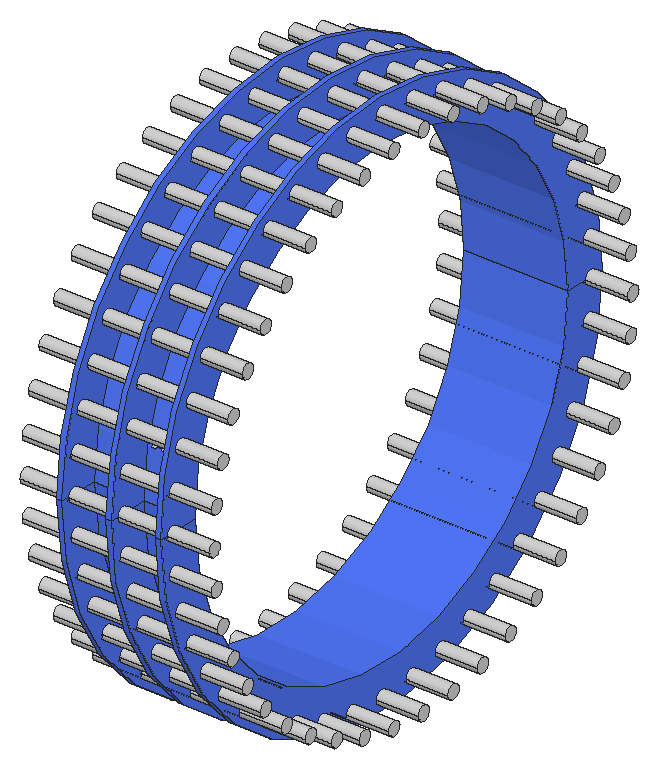
Revit family "873-00-001-DN1800", category Pipe Accessories, Revit 2019
Family settings
  Round Connector Dimension = Use Diameter
  Part Type = Valve - Breaks Into
  Work Plane-Based = No
  Always vertical = Yes
  Cut with Voids When Loaded = No
  Shared = No
Parameters (values of type "DN1800_PN16")
  d2 = size_lookup(Search_table, "d2", 0 mm, DN) / 2  # 1065 mm
  d1 = size_lookup(Search_table, "d1", 0 mm, DN)  # 2020 mm
  URL product pages = "https://www.avkvalves.com/P.aspx?no=873004000141000"
  T = size_lookup(Search_table, "T", 0 mm, DN)  # 52 mm
  L = size_lookup(Search_table, "L", 0 mm, DN)  # 730 mm
  Id(Radius) = DN / 2  # 900.05 mm
  Flange_thickness = 20 mm  # constant formula
  Description_ = "AVK DISMANTLING JOINT"
  DN = 1800.1 mm
  Search_table = "873-00-001-DN1800"
  Body_Wallthicknss = 10 mm  # constant formula
  Angle = 22.50°  # constant formula
  A = size_lookup(Search_table, "A", 0 mm, DN)  # 400 mm
  873-1800-00-141000 = "DN1800_PN16"
  873-1800-00-041000 = "DN1800_PN10"
Types (3, lengths in mm): name | d2 | T | L | Id(Radius) | DN
  (no name) | 1065 | 52 | 730 | 900.05 | 1800.1
  DN1800_PN10 | 1057.5 | 45 | 640 | 900 | 1800
  DN1800_PN16 | 1065 | 52 | 730 | 900.05 | 1800.1
Reference planes
  plane 1 "Center (Front/Back)": y = 0
  plane 2: z = 0
  plane 3 "Center (Left/Right)": x = 0
  plane 4: y = 32.5
  plane 5: y = -30
  plane 6: z = 1010
  plane 7: z = -1010
  plane 8: y = 1010
  plane 9: y = -1010
  plane 10: x = -365
  plane 11: x = 365
  plane 12: through (0, 0, 0) normal (0, 0.9898, 0.1423)
  plane 13: through (0, 0, 0) normal (0, 0.9595, 0.2817)
  plane 14: through (0, 0, 0) normal (0, 0.9096, 0.4154)
  plane 15: through (0, 0, 0) normal (0, 0.8413, 0.5406)
  plane 16: through (0, 0, 0) normal (0, 0.6549, 0.7557)
  plane 17: through (0, 0, 0) normal (0, 0.9898, -0.1423)
  plane 18: through (0, 0, 0) normal (0, 0.9595, -0.2817)
  plane 19: through (0, 0, 0) normal (0, 0.9096, -0.4154)
  plane 20: through (0, 0, 0) normal (0, 0.7557, -0.6549)
  plane 21: through (0, 0, 0) normal (0, 0.6549, -0.7557)
  plane 22: through (0, 0, 0) normal (0, 0.7557, 0.6549)
  plane 23: through (0, 0, 0) normal (0, 0.8413, -0.5406)
  plane 24: through (0, 0, 0) normal (0, 0.5406, -0.8413)
  plane 25: through (0, -755.275, 485.386) normal (0, -0.5406, -0.8413)
  plane 26: through (0, 0, 0) normal (0, 0.4154, -0.9096)
  plane 27: through (0, 0, 0) normal (0, 0.4154, 0.9096)
  plane 28: through (0, 0, 0) normal (0, 0.2817, -0.9595)
  plane 29: through (0, 0, 0) normal (0, 0.2817, 0.9595)
  plane 30: through (0, 0, 0) normal (0, 0.1423, -0.9898)
  plane 31: through (0, 0, 0) normal (0, 0.1423, 0.9898)
  plane 32: x = -200
  plane 33: x = 200
  plane 34: z = -1065
  plane 35: z = 1065
Forms (mm)
  Revolve 1, solid, material "Plastic"
    sketch origin (0, 0, 0) x (1, 0, 0) y (0, 1, 0)
      loop
        line (-180, 1065) -> (-200, 1065) -> (-200, 900.05) -> (200, 900.05) -> (200, 1065) -> (180, 1065) -> (180, 910.05) -> (10, 910.05) -> (10, 1065) -> (-10, 1065) -> (-10, 910.05) -> (-180, 910.05) -> (-180, 1065)
      axis (-200, 0) -> (200, 0)
    angle from 0 to 360
  Extrusion 2, solid, material "Stainless Steel AISI 304"
    sketch origin (0, 0, 0) x (0, 1, 0) y (0, 0, 1)
      loop
        circle (0, 1010) r 26
      loop
        circle (-1010, 0) r 26
      loop
        circle (0, -1010) r 26
      loop
        circle (1010, 0) r 26
      loop
        circle (284.55, 969.088) r 26
      loop
        circle (419.569, 918.728) r 26
      loop
        circle (546.047, 849.666) r 26
      loop
        circle (661.409, 763.307) r 26
      loop
        circle (763.307, 661.409) r 26
      loop
        circle (849.666, 546.047) r 26
      loop
        circle (918.728, 419.569) r 26
      loop
        circle (969.088, 284.55) r 26
      loop
        circle (999.72, 143.738) r 26
      loop
        circle (999.72, -143.738) r 26
      loop
        circle (969.088, -284.55) r 26
      loop
        circle (918.728, -419.569) r 26
      loop
        circle (849.666, -546.047) r 26
      loop
        circle (763.307, -661.409) r 26
      loop
        circle (661.409, -763.307) r 26
      loop
        circle (546.047, -849.666) r 26
      loop
        circle (419.569, -918.728) r 26
      loop
        circle (284.55, -969.088) r 26
      loop
        circle (143.738, -999.72) r 26
      loop
        circle (-143.738, -999.72) r 26
      loop
        circle (-284.55, -969.088) r 26
      loop
        circle (-419.569, -918.728) r 26
      loop
        circle (-546.047, -849.666) r 26
      loop
        circle (-661.409, -763.307) r 26
      loop
        circle (-763.307, -661.409) r 26
      loop
        circle (-849.666, -546.047) r 26
      loop
        circle (-918.728, -419.569) r 26
      loop
        circle (-969.088, -284.55) r 26
      loop
        circle (-999.72, -143.738) r 26
      loop
        circle (-999.72, 143.738) r 26
      loop
        circle (-969.088, 284.55) r 26
      loop
        circle (-918.728, 419.569) r 26
      loop
        circle (-849.666, 546.047) r 26
      loop
        circle (-763.307, 661.409) r 26
      loop
        circle (-661.409, 763.307) r 26
      loop
        circle (-546.047, 849.666) r 26
      loop
        circle (-419.569, 918.728) r 26
      loop
        circle (-284.55, 969.088) r 26
      loop
        circle (-143.738, 999.72) r 26
      loop
        circle (143.738, 999.72) r 26
    from -365 to 365
Dimensions and locks
  "Flange_thickness": Revolve 1 sketch curve to Revolve 1 sketch curve  (x3)
  equal spacing: Revolve 1 sketch curve, plane 3 "Center (Left/Right)", Revolve 1 sketch curve  (x2)
  "A": Revolve 1 sketch curve to Revolve 1 sketch curve
  "Id(Radius)": plane 1 "Center (Front/Back)" to Revolve 1 sketch curve
  "Body_Wallthicknss": Revolve 1 sketch curve to Revolve 1 sketch curve
  "d2": plane 1 "Center (Front/Back)" to Revolve 1 sketch curve
  equal spacing: plane 6, level, plane 7
  equal spacing: plane 8, plane 1 "Center (Front/Back)", plane 9
  "d1": plane 8 to plane 9
  "d1": plane 6 to plane 7
  equal spacing: plane 11, plane 3 "Center (Left/Right)", plane 10
  "L": plane 11 to plane 10
  equal spacing: Extrusion 2 sketch curve, level, Extrusion 2 sketch curve
  "d1": Extrusion 2 sketch curve to Extrusion 2 sketch curve  (x22)
  equal spacing: Extrusion 2 sketch curve, plane 1 "Center (Front/Back)", Extrusion 2 sketch curve
  equal spacing: Extrusion 2 sketch curve, plane 31, Extrusion 2 sketch curve
  equal spacing: Extrusion 2 sketch curve, plane 29, Extrusion 2 sketch curve
  equal spacing: Extrusion 2 sketch curve, plane 27, Extrusion 2 sketch curve
  equal spacing: Extrusion 2 sketch curve, plane 25, Extrusion 2 sketch curve
  equal spacing: Extrusion 2 sketch curve, plane 16, Extrusion 2 sketch curve
  equal spacing: Extrusion 2 sketch curve, plane 22, Extrusion 2 sketch curve
  equal spacing: Extrusion 2 sketch curve, plane 15, Extrusion 2 sketch curve
  equal spacing: Extrusion 2 sketch curve, plane 14, Extrusion 2 sketch curve
  equal spacing: Extrusion 2 sketch curve, plane 13, Extrusion 2 sketch curve
  equal spacing: Extrusion 2 sketch curve, plane 12, Extrusion 2 sketch curve
  equal spacing: Extrusion 2 sketch curve, plane 17, Extrusion 2 sketch curve
  equal spacing: Extrusion 2 sketch curve, plane 18, Extrusion 2 sketch curve
  equal spacing: Extrusion 2 sketch curve, plane 19, Extrusion 2 sketch curve
  equal spacing: Extrusion 2 sketch curve, plane 23, Extrusion 2 sketch curve
  equal spacing: Extrusion 2 sketch curve, plane 20, Extrusion 2 sketch curve
  equal spacing: Extrusion 2 sketch curve, plane 21, Extrusion 2 sketch curve
  equal spacing: Extrusion 2 sketch curve, plane 24, Extrusion 2 sketch curve
  equal spacing: Extrusion 2 sketch curve, plane 26, Extrusion 2 sketch curve
  equal spacing: Extrusion 2 sketch curve, plane 28, Extrusion 2 sketch curve
  equal spacing: Extrusion 2 sketch curve, plane 30, Extrusion 2 sketch curve
  plane 6 to plane 7 = 2020 mm
  equal spacing: plane 33, plane 3 "Center (Left/Right)", plane 32
  "A": plane 33 to plane 32
  equal spacing: plane 35, level, plane 34
  "d2": level to plane 34
  plane 35 to plane 34 = 2130 mm
  "T": diameter of Extrusion 2 sketch curve  (x44)
  equal spacing: plane 1 "Center (Front/Back)", plane 17, plane 18, plane 19, plane 23, plane 20, plane 21, plane 24, plane 26, plane 28, plane 30, level
  equal spacing: level, plane 31, plane 29, plane 27, plane 25, plane 16, plane 22, plane 15, plane 14, plane 13, plane 12, plane 1 "Center (Front/Back)"
  aligned and locked: level to plane 2
  aligned and locked: Revolve 1 sketch curve to Revolve 1 sketch curve  (x3)
  aligned and locked: plane 1 "Center (Front/Back)" to Revolve 1 sketch curve
  aligned and locked: Extrusion 2 to plane 10
  aligned and locked: Extrusion 2 to plane 11
Automatic sketch dimensions
  Revolve 1 sketch curve to plane 3 "Center (Left/Right)" = 37.5 mm
  plane 3 "Center (Left/Right)" to Revolve 1 sketch curve = 37.5 mm
  plane 30 to Extrusion 2 sketch curve = 0 mm  (x2)
  Extrusion 2 sketch curve to plane 31 = 0 mm  (x2)
  plane 28 to Extrusion 2 sketch curve = 0 mm  (x2)
  Extrusion 2 sketch curve to plane 29 = 0 mm  (x2)
  plane 26 to Extrusion 2 sketch curve = 0 mm  (x2)
  Extrusion 2 sketch curve to plane 27 = 0 mm  (x2)
  plane 25 to Extrusion 2 sketch curve = 0 mm  (x2)
  plane 24 to Extrusion 2 sketch curve = 0 mm  (x2)
  plane 21 to Extrusion 2 sketch curve = 0 mm  (x2)
  Extrusion 2 sketch curve to plane 16 = 0 mm  (x2)
  plane 20 to Extrusion 2 sketch curve = 0 mm  (x2)
  Extrusion 2 sketch curve to plane 22 = 0 mm  (x2)
  Extrusion 2 sketch curve to plane 15 = 0 mm  (x2)
  plane 23 to Extrusion 2 sketch curve = 0 mm  (x2)
  plane 19 to Extrusion 2 sketch curve = 0 mm  (x2)
  Extrusion 2 sketch curve to plane 14 = 0 mm  (x2)
  Extrusion 2 sketch curve to plane 13 = 0 mm  (x2)
  plane 18 to Extrusion 2 sketch curve = 0 mm  (x2)
  Extrusion 2 sketch curve to plane 12 = 0 mm  (x2)
  plane 17 to Extrusion 2 sketch curve = 0 mm  (x2)
  Extrusion 2 sketch curve to plane 1 "Center (Front/Back)" = 0 mm  (x2)
  Extrusion 2 sketch curve to level = 0 mm  (x2)
Nested families
  nested 1: "LOGO 3" at (91.887, -891.226, 184.141) x (1, 0, 0) z (0, -0.9793, 0.2023), type "LOGO 3"
Connectors
  piping at (200, 0, 0), diameter 1800.1, driven by "DN"
    settings: on Revolve 1, index 1, connector inside diameter 609.6 mm, connector length 0 mm, flow factor 0, pipe flow 0.0 L/s, pressure drop 0.0 Pa, fitting loss kfactor 0, connector angle 0.00°, fixture units 0, engagement length 0 mm, angle of deflection 0.00°, flow configuration 0, flow direction 0, fitting loss method 0, system type 7, joint type 0, gender type 0, connector reference index -1, connector utility 0, adjustable connector no, is connector primary yes, connector description ""
  piping at (-200, 0, 0), diameter 1800.1, driven by "DN"
    settings: on Revolve 1, index 2, connector inside diameter 609.6 mm, connector length 0 mm, flow factor 0, pipe flow 0.0 L/s, pressure drop 0.0 Pa, fitting loss kfactor 0, connector angle 0.00°, fixture units 0, engagement length 0 mm, angle of deflection 0.00°, flow configuration 0, flow direction 0, fitting loss method 0, system type 7, joint type 0, gender type 0, connector reference index -1, connector utility 0, adjustable connector no, is connector primary no, connector description ""
Definition of nested family "LOGO 3"
  Parameters
    Default Elevation = 1219.2 mm
  Reference planes
    plane 1 "Center (Front/Back)": y = 0
    plane 2: z = 0
    plane 3 "Center (Left/Right)": x = 0
  Forms (mm)
    Extrusion 1, solid
      sketch origin (0, 0, 0) x (1, 0, 0) y (0, 1, 0)
        loop
          line (-1219.2, 1219.2) -> (-1219.2, -1219.2) -> (1219.2, -1219.2) -> (1219.2, 1219.2) -> (-1219.2, 1219.2)
      from 0 to -304.8
    Extrusion 2, solid
      sketch origin (0, 0, 0) x (1, 0, 0) y (0, 1, 0)
        loop
          line (-17.198, 60.343) -> (-63.36, 60.343) -> (-63.36, 47.822) -> (-25.782, 47.822) -> (-6.312, 0) -> (6.312, 0) -> (25.782, 47.822) -> (63.36, 47.822) -> (63.36, 60.343) -> (17.198, 60.343) -> (0, 18.103) -> (-17.198, 60.343)
        loop
          line (-63.36, 42.994) -> (-63.36, 30.926) -> (-51.489, 30.926) -> (-63.36, 0) -> (-49.948, 0) -> (-47.4, 6.638) -> (-27.745, 6.638) -> (-25.043, 0) -> (-11.524, 0) -> (-29.029, 42.994) -> (-63.36, 42.994)
        loop
          line (-44.292, 18.103) -> (-32.413, 18.103) -> (-38.527, 33.12) -> (-44.292, 18.103)
        loop
          line (29.029, 42.994) -> (11.524, 0) -> (25.043, 0) -> (31.926, 16.905) -> (44.665, 0) -> (60.343, 0) -> (45.934, 19.121)
          arc (45.934, 19.121) -> (54.338, 23.268) -> (59.739, 30.926) r 19.008
          line (59.739, 30.926) -> (63.36, 30.926) -> (63.36, 42.994) -> (51.291, 42.994)
          arc (51.291, 42.994) -> (46.893, 32.101) -> (36.164, 27.315) r 15.689
          line (36.164, 27.315) -> (42.548, 42.994) -> (29.029, 42.994)
      from 0 to 1
  Dimensions and locks
    aligned and locked: plane 2 to Extrusion 1
    aligned and locked: level to Extrusion 1
